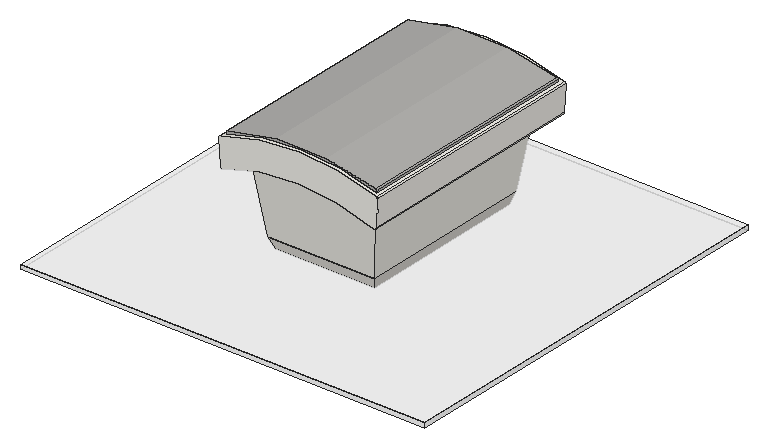
Revit family "BS-1015BSB", category Communication Devices, host Face, Revit 2016
Family settings
  Host = Face
  Maintain Annotation Orientation = No
  Part Type = Normal
  Round Connector Dimension = Use Diameter
  OmniClass Number = 23.85.10.11.14
  OmniClass Title = Audio Equipment
  Cut with Voids When Loaded = Yes
  Shared = No
  Room Calculation Point = No
Parameters (values of type "BS-1015BSW")
  Weight = "2.4kg (5.29 lb) (without bracket)"
  URL = "http://toa.com.sg"
  Enclosure Type = "2-way bass-reflex system"
  Connection = "Screw connector (steatite terminal) can be bridge connection"
  Speaker Mounting Method = "Wall-mount"
  Sensitivity = "90dB (1W, 1m) (500Hz – 5kHz, pink noise)\r\n87dB (1W, 1m) (100Hz – 10kHz, pink noise)\r\n75dB (1W, 4m) (100Hz – 10kHz, pink noise)"
  Rated Noise Power = "15W (100V line), 7.5W (70V line)"
  Model Type = "COMPACT SPEAKER"
  Rated Impedance = "100V line: 670Ω (15W), 1kΩ (10W), 2kΩ (5W)\r\n70V line: 670Ω (7.5W), 1kΩ (5W), 2kΩ (2.5W)"
  Operating Temperature Range = "–10°C to +50°C (14°F to 122°F)"
  Model By = "BIMLIFE PTE LTD"  # constant formula
  Model = "BS-1015BSW"
  Mesh = White Mesh
  Maximum Sound Pressure Level = "98dB (15W, 1m) (100Hz – 10kHz, pink noise)\r\n86dB (15W, 4m) (100Hz – 10kHz, pink noise)"
  Manufacturer = "TOA Electronics Pte Ltd"  # constant formula
  Supplier Tel = "+65 6835 9119"  # constant formula
  Supplier Fax = "+65 6835 9559"  # constant formula
  Supplier Address = "491B River Valley Road, #19-03/04 Valley Point Office Tower, Singapore 248373"  # constant formula
  Supplier = "TOA Electronics Pte Ltd"  # constant formula
  Suppiler Email = "http://toa.com.sg"  # constant formula
  Material = OFF-WHITE
  Frequency Response = "80Hz – 20kHz"
  Finish = "Enclosure: ABS resin, white (RAL 9010 or equivalent color), paint\r\nGrille: Surface-treated steel plate net, white (RAL 9010 or equivalent color), powder coating\r\nBracket: Steel plate, white (RAL 9010 or equivalent colour), powder coating"
  Speaker Component = "Low frequency: 12cm (5\") cone-type\r\nHigh frequency: 2.5cm (1\") balanced dome tweeter"
  Environmental Type = "A (indoor applications)"
  Dimension = "196 (W) × 290 (H) × 186 (D) mm (without bracket)\r\n(7.72\" × 11.42\" × 7.32\")"
  Default Elevation = 0 mm
  Coverage Angle = "Horizontal: 220° (500Hz), 150° (1kHz), 120° (2kHz), 90° (4kHz)\r\nVertical: 330° (500Hz), 160° (1kHz), 120° (2kHz), 70° (4kHz)"
  Copyright To = "TOA Electronics Pte Ltd"  # constant formula
  Cable Gland = "Size: PG 13.5\r\nOne cable gland is factory-installed.\r\nFor bridge connection, one supplied cable gland can be added*"
  Applicable Cable = "Outer diameter: ø6.5 – ø12.5mm\r\nConductor: Solid wire or 7-core wire\r\nNo bridge connection: 0.8 – 10mm2 (AWG 18 – AWG 7) for solid wire\r\n0.8 – 8mm2 (AWG 18 – AWG 8) for 7-core wire\r\nBridge connection: 0.8 – 2.5mm2 (AWG 18 – AWG 13) for solid wire\r\n0.8 – 1.5mm2 (AWG 18 – AWG 15) for 7-core wire"
  Accessory = "Bracket × 1, Speaker mounting screw × 2, Rear cover × 1"
Types (2, lengths in mm): name | Rated Impedance | Model | Mesh | Material | Finish
  BS-1015BSB | "100V line: 670Ω (15W), 1kΩ (10W), 2kΩ (5W)\r\n70V line: 670Ω (7.5W), 1kΩ (5W), 2kΩ (2.5W)" | "BS-1015BSB" | Black Mesh | Black | "Enclosure: ABS resin, black (RAL 9011 or equivalent color), paint\r\nGrille: Surface-treated steel plate net, black (RAL 9011 or\r\nequivalent color), powder coating\r\nBracket: Surface treated steel platet, black (RAL 9011 or equivalent colour),\r\npowder coating"
  BS-1015BSW | "100V line: 670Ω (15W), 1kΩ (10W), 2kΩ (5W)\r\n70V line: 670Ω (7.5W), 1kΩ (5W), 2kΩ (2.5W)" | "BS-1015BSW" | White Mesh | OFF-WHITE | "Enclosure: ABS resin, white (RAL 9010 or equivalent color), paint\r\nGrille: Surface-treated steel plate net, white (RAL 9010 or equivalent color), powder coating\r\nBracket: Steel plate, white (RAL 9010 or equivalent colour), powder coating"
Reference planes
  plane 1 "Center (Front/Back)": y = 0
  plane 2: z = 0
  plane 3 "Center (Left/Right)": x = 0
Forms (mm)
  Extrusion 1, solid, material "Surface"
    sketch origin (1.238, -13.929, 0) x (1, 0, 0) y (0, 1, 0)
      loop
        line (-250, 250) -> (-250, -250) -> (250, -250) -> (250, 250) -> (-250, 250)
    from 0 to -6.497
  Extrusion 2, solid, material "OFF-WHITE" <- "Material"
    sketch origin (-434.898, -145, 448.137) x (1, 0, 0) y (0, 0, -1)
      loop
        arc (336.868, 306.287) -> (337.242, 305.06) -> (338.254, 304.288) r 2
        arc (338.254, 304.288) -> (434.898, 288.294) -> (531.543, 304.288) r 300
        arc (531.543, 304.288) -> (532.554, 305.06) -> (532.929, 306.287) r 2
        line (532.929, 306.287) -> (531.234, 338.621)
        arc (531.234, 338.621) -> (530.331, 340.19) -> (528.529, 340.387) r 2
        arc (528.529, 340.387) -> (434.898, 323.294) -> (341.266, 340.387) r 265
        arc (341.266, 340.387) -> (339.466, 340.19) -> (338.562, 338.621) r 2
        line (338.562, 338.621) -> (336.868, 306.287)
    from 0 to 290
  Blend 3, solid, material "OFF-WHITE" <- "Material"
    base sketch origin (-77.501, -145, 113.257) x (0, -1, 0) y (1, 0, 0)
      loop
        line (-266.785, 0) -> (-23.215, 0) -> (-23.215, 155) -> (-266.785, 155) -> (-266.785, 0)
    top sketch origin (-77.501, -145, 113.257) x (0, -1, 0) y (1, 0, 0)
      loop
        line (-253.807, 10.914) -> (-36.165, 10.914) -> (-36.165, 143.517) -> (-253.807, 143.517) -> (-253.807, 10.914)
    from 0 to -86.4
  Blend 4, solid, material "OFF-WHITE" <- "Material"
    base sketch origin (-77.501, -145, 26.857) x (1, 0, 0) y (0, 1, 0)
      loop
        line (143.517, 36.165) -> (143.517, 253.807) -> (10.914, 253.807) -> (10.914, 36.165) -> (143.517, 36.165)
    top sketch origin (-77.501, -145, 26.857) x (0, -1, 0) y (1, 0, 0)
      loop
        line (-41.165, 15.914) -> (-41.165, 138.517) -> (-248.807, 138.517) -> (-248.807, 15.914) -> (-41.165, 15.914)
    from 0 to -14
  Extrusion 5, solid, material "OFF-WHITE" <- "Material"
    sketch origin (-433.661, -145, 462.066) x (1, 0, 0) y (0, 0, -1)
      loop
        arc (356.161, 348.809) -> (433.661, 337.223) -> (511.161, 348.809) r 265
        line (511.161, 348.809) -> (356.161, 348.809)
    from 23.215 to 266.785
  Extrusion 6, solid, material "White Mesh" <- "Mesh"
    sketch origin (-434.898, -145, 456.691) x (1, 0, 0) y (0, 0, -1)
      loop
        arc (343.097, 308.089) -> (434.898, 293.848) -> (526.7, 308.089) r 303
        arc (526.7, 308.089) -> (527.709, 308.815) -> (528.094, 309.995) r 2
        line (528.094, 309.995) -> (528.094, 311.691)
        arc (528.094, 311.691) -> (434.898, 296.848) -> (341.702, 311.691) r 300
        line (341.702, 311.691) -> (341.702, 309.995)
        arc (341.702, 309.995) -> (342.088, 308.815) -> (343.097, 308.089) r 2
    from 5 to 285
  Extrusion 7, solid, material "OFF-WHITE" <- "Material", not visible
    sketch origin (0, 0, -21.96) x (1, 0, 0) y (0, 1, 0)
      loop
        arc (336.868, 306.287) -> (337.242, 305.06) -> (338.254, 304.288) r 2
        arc (338.254, 304.288) -> (434.898, 288.294) -> (531.543, 304.288) r 300
        arc (531.543, 304.288) -> (532.554, 305.06) -> (532.929, 306.287) r 2
        line (532.929, 306.287) -> (531.234, 338.621)
        arc (531.234, 338.621) -> (530.331, 340.19) -> (528.529, 340.387) r 2
        arc (528.529, 340.387) -> (434.898, 323.294) -> (341.266, 340.387) r 265
        arc (341.266, 340.387) -> (339.466, 340.19) -> (338.562, 338.621) r 2
        line (338.562, 338.621) -> (336.868, 306.287)
    from 0 to 290
  Blend 8, solid, material "OFF-WHITE" <- "Material", not visible
    base sketch origin (357.398, 334.88, -21.96) x (1, 0, 0) y (0, 0, -1)
      loop
        line (0, -266.785) -> (155, -266.785) -> (155, -23.215) -> (0, -23.215) -> (0, -266.785)
    top sketch origin (357.398, 334.88, -21.96) x (1, 0, 0) y (0, 0, -1)
      loop
        line (10.914, -253.807) -> (143.517, -253.807) -> (143.517, -36.165) -> (10.914, -36.165) -> (10.914, -253.807)
    from 0 to -86.4
  Blend 9, solid, material "OFF-WHITE" <- "Material", not visible
    base sketch origin (357.398, 248.48, -21.96) x (-1, 0, 0) y (0, 0, -1)
      loop
        line (36.165, 143.517) -> (36.165, 10.914) -> (253.807, 10.914) -> (253.807, 143.517) -> (36.165, 143.517)
    top sketch origin (357.398, 248.48, -21.96) x (1, 0, 0) y (0, 0, -1)
      loop
        line (-41.165, 15.914) -> (-41.165, 138.517) -> (-248.807, 138.517) -> (-248.807, 15.914) -> (-41.165, 15.914)
    from 0 to -14
  Extrusion 10, solid, material "OFF-WHITE" <- "Material", not visible
    sketch origin (1.238, -13.929, -21.96) x (1, 0, 0) y (0, 1, 0)
      loop
        arc (356.161, 348.809) -> (433.661, 337.223) -> (511.161, 348.809) r 265
        line (511.161, 348.809) -> (356.161, 348.809)
    from 23.215 to 266.785
  Extrusion 11, solid, material "White Mesh" <- "Mesh", not visible
    sketch origin (0, -8.553, -21.96) x (1, 0, 0) y (0, 1, 0)
      loop
        arc (343.097, 308.089) -> (434.898, 293.848) -> (526.7, 308.089) r 303
        arc (526.7, 308.089) -> (527.709, 308.815) -> (528.094, 309.995) r 2
        line (528.094, 309.995) -> (528.094, 311.691)
        arc (528.094, 311.691) -> (434.898, 296.848) -> (341.702, 311.691) r 300
        line (341.702, 311.691) -> (341.702, 309.995)
        arc (341.702, 309.995) -> (342.088, 308.815) -> (343.097, 308.089) r 2
    from 5 to 285
Cuts and joins
  joined: Blend 3, Extrusion 5
Dimensions and locks
  Extrusion 6 to Extrusion 6 = 186.392 mm
  Extrusion 2 to Extrusion 2 = 290 mm
  Blend 4 to Extrusion 1 = 12.857 mm
  aligned and locked: plane 2 to Extrusion 1
  aligned and locked: level to Extrusion 1
